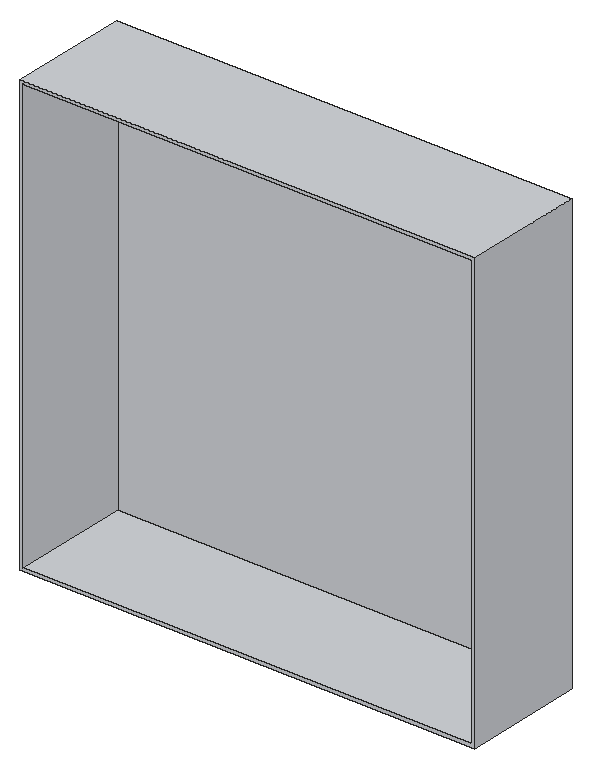
Revit family "Hager-Typ.B_TP&N_Cable_Spreader_Boxes_250A-empty-NoHosted-UK-en", category Electrical Equipment, Revit 2020
Family settings
  Panel Configuration = Two Columns, Circuits Across
  Round Connector Dimension = Use Diameter
  Part Type = Panelboard
  Work Plane-Based = Yes
  Always vertical = Yes
  Cut with Voids When Loaded = No
  Shared = No
  Room Calculation Point = No
Parameters (values of type "Surface mounted P2XC W465 H450 D124.5 0 Modular spacings - JK202LE")
  Width Control [instance] = if([HG000006 - Flush mounted], if([EF000846 - Built-in width] > min_whd, [EF000846 - Built-in width], min_whd), if([EF000008 - Width] > min_whd, ([EF000008 - Width]), min_whd))  # 465 mm
  Void Depth [instance] = if([EF000218 - Built-in depth] > 1 mm, [EF000218 - Built-in depth], 1 mm)  # 1 mm
  Type Comments = [HG000003 - Range]  # "Type B TP&N Distribution Boards"
  System Height [instance] = Height Control - 2 * [HG000005 - Thickness]  # 444 mm
  Panel Name [instance] = ""  # (empty or 0)
  Offset [instance] = 0 mm
  Model = [HG000004 - Manufacturer reference]  # "JK202LE"
  Level Offset [instance] = [Flush Mounted - Door Frame Width] + Offset  # 0 mm
  HG000017 - Distance between poles = 18 mm
  HG000016 - Door 3d visibility [instance] = yes
  HG000015 - Clearance visibility [instance] = no
  HG000014 - Door on the right [instance] = yes
  HG000013 - Door on the left [instance] = not([HG000014 - Door on the right])  # no
  HG000012 - Door swing angle [instance] = 45.00°
  HG000011 - Empty rows from bottom = no
  HG000010 - Asymmetric doors = no
  HG000009 - Double swing door = no
  HG000008 - Number of empty rows = 0
  HG000007 - Number of empty columns = 0
  HG000006 - Flush mounted = no
  HG000005 - Thickness = 3 mm  # constant formula
  HG000004 - Manufacturer reference = "JK202LE"
  HG000003 - Range = "Type B TP&N Distribution Boards"
  HG000002 - With door or cover = no
  HG000001 - Number of columns = 0
  EF015941 - Signal passing door = no
  EF015777 - Neutral terminal block = yes
  EF015776 - Earthing terminal block = yes
  EF009212 - Cover model = ""
  EF006306 - With lock = no
  EF006244 - Transparent cover/door = no
  EF005474 - Degree of protection (IP) = "EV009848 - IP2XC"
  EF004462 - Type of closure = "EV000154 - Other"
  EF002950 - Width in number of modular spacings = 0
  EF001596 - Material housing = "EV000179 - Steel"
  EF001134 - DIN-rail = no
  EF001131 - Internal depth = 0 mm
  EF001088 - Extension possible = no
  EF001062 - EMC-version = no
  EF000846 - Built-in width = 0 mm
  EF000339 - Type of cover = "EV005746 - Optional"
  EF000332 - Built-in height = 0 mm
  EF000266 - Number of rows = 0
  EF000218 - Built-in depth = 0 mm
  EF000118 - With mounting plate = no
  EF000116 - RAL-number = "7035"
  EF000049 - Depth = 124 mm
  EF000040 - Height = 450 mm
  EF000008 - Width = 465 mm
  EF000007 - Colour = "EV000154 - Other"
  EF000003 - Mounting method = "EV000384 - Surface mounted (plaster)"
  Description = ""
  Default Elevation = 1219.2 mm
  Arrow Offset [instance] = Depth Control / 8  # 15.5 mm
  Arrow Height [instance] = Depth Control - Arrow Offset  # 108.5 mm
  Host Offset [instance] = if([HG000006 - Flush mounted], 0 mm, [EF000049 - Depth])  # 124 mm
  min_whd [instance] = (2 * [HG000005 - Thickness]) + 1 mm  # 7 mm
  Manufacturer = "Hager"  # constant formula
  Height Control [instance] = if([HG000006 - Flush mounted], if([EF000332 - Built-in height] > min_whd, [EF000332 - Built-in height], min_whd), if([EF000040 - Height] > min_whd, ([EF000040 - Height]), min_whd))  # 450 mm
  Flush Mounted - Door Frame Width [instance] = if(([EF000040 - Height] - [EF000332 - Built-in height]) > 0 mm, if([HG000006 - Flush mounted], [EF000040 - Height] - [EF000332 - Built-in height], 0 mm), 0 mm)  # 0 mm
  Depth Control [instance] = if([HG000006 - Flush mounted], if([EF000218 - Built-in depth] > 0 mm, [EF000218 - Built-in depth], 1 mm), if([EF000049 - Depth] > 0 mm, ([EF000049 - Depth]), 1 mm))  # 124 mm
Types (2, lengths in mm): name | System Height | Model | HG000004 - Manufacturer reference | EF005474 - Degree of protection (IP) | EF000040 - Height | Height Control
  Surface mounted  W465 H300 D124.5 0 Modular spacings - JK201SE | 294 | "JK201SE" | "JK201SE" | "" | 300 | 300
  Surface mounted P2XC W465 H450 D124.5 0 Modular spacings - JK202LE | 444 | "JK202LE" | "JK202LE" | "EV009848 - IP2XC" | 450 | 450
Reference planes
  plane 1 "Center (Front/Back)": y = 0
  plane 2: z = 0
  plane 3 "Center (Left/Right)": x = 0
  plane 4: y = 3
  plane 5: y = 0
  plane 6: y = 0
  plane 7: z = 0
  plane 8: x = -232.5
  plane 9: x = 232.5
  plane 10: x = 229.5
  plane 11: x = -229.5
  plane 12: z = 0
  plane 13: z = 3
  plane 14: y = -119
  plane 15: y = -124
  plane 16: y = -3
  plane 17: z = 447
  plane 18: z = 450
  plane 19: z = 225
  plane 20: x = 0
  plane 21: y = -100
Forms (mm)
  Extrusion 1, solid
    sketch origin (-208.679, -4572, 0) x (-1, 0, 0) y (0, -1, 0)
      loop
        line (23.821, -4448) -> (-441.179, -4448) -> (-441.179, -4572) -> (23.821, -4572) -> (23.821, -4448)
    from 0 to 450 <- "Height Control"
  Extrusion 2, void
    sketch origin (-350.771, -124, 1219.2) x (1, 0, 0) y (0, 0, 1)
      loop
        line (121.271, -772.2) -> (121.271, -1216.2) -> (580.271, -1216.2) -> (580.271, -772.2) -> (121.271, -772.2)
    from 0 to -121
  Extrusion 3, solid, detail levels coarse+medium
    sketch origin (-350.771, -124, 1219.2) x (-1, 0, 0) y (0, 0, 1)
      loop
        line (-121.271, -772.2) -> (-580.271, -772.2) -> (-580.271, -1216.2) -> (-121.271, -1216.2) -> (-121.271, -772.2)
    from 0 to 3 <- "HG000005 - Thickness"
Cuts and joins
  Extrusion 2 cuts Extrusion 1
Dimensions and locks
  "Flush Mounted - Door Frame Width": plane 1 "Center (Front/Back)" to plane 6
  "HG000005 - Thickness": plane 4 to plane 6
  "HG000005 - Thickness": plane 8 to plane 11
  "HG000005 - Thickness": plane 9 to plane 10
  equal spacing: plane 8, plane 3 "Center (Left/Right)", plane 9
  "Width Control": plane 8 to plane 9
  locked: plane 14 to plane 15 at 5
  "Host Offset": plane 1 "Center (Front/Back)" to plane 15
  "Depth Control": plane 5 to plane 15
  "HG000005 - Thickness": plane 5 to plane 16
  "HG000005 - Thickness": plane 13 to plane 12
  "Level Offset": plane 12 to level
  "HG000005 - Thickness": plane 18 to plane 17
  "Height Control": plane 18 to plane 12
  "Arrow Offset": plane 5 to nested 4
  equal spacing: plane 18, plane 19, plane 12
  locked: connector elem to plane 19
  locked: connector elem to plane 3 "Center (Left/Right)"
  aligned and locked: nested 1 to plane 14
  aligned and locked: plane 3 "Center (Left/Right)" to nested 1
  aligned and locked: plane 3 "Center (Left/Right)" to nested 2
  aligned and locked: nested 2 to plane 15
  aligned and locked: plane 5 to Extrusion 1
  aligned and locked: Extrusion 3 sketch curve to plane 17
  aligned and locked: Extrusion 3 sketch curve to plane 11
  aligned and locked: Extrusion 3 sketch curve to plane 13
  aligned and locked: Extrusion 3 sketch curve to plane 10
  aligned and locked: Extrusion 2 sketch curve to plane 13
  aligned and locked: Extrusion 2 sketch curve to plane 10
  aligned and locked: Extrusion 2 sketch curve to plane 17
  aligned and locked: Extrusion 2 sketch curve to plane 11
  aligned and locked: plane 16 to Extrusion 2
  aligned and locked: plane 5 to Extrusion 1 sketch curve
  aligned and locked: plane 9 to Extrusion 1 sketch curve
  aligned and locked: plane 8 to Extrusion 1 sketch curve
  aligned and locked: plane 8 to nested 4
  aligned and locked: plane 8 to nested 3
  aligned and locked: nested 3 to plane 5
  aligned and locked: Extrusion 1 sketch curve to plane 15
  aligned and locked: Extrusion 2 to plane 15
Nested families
  nested 1: "Hager_Enclosure_System" at (0, -119, 3), Flush_Mounted <- "HG000006 - Flush mounted", Width <- "EF000008 - Width", Height <- "System Height", Width_Control <- "Width Control", Row_Module_Multiplicator <- "EF002950 - Width in number of modular spacings", Empty_Columns <- "HG000007 - Number of empty columns", Built-in_Width <- "EF000846 - Built-in width", Border <- "HG000005 - Thickness", Total_No_Empty_Rows <- "HG000008 - Number of empty rows", Depth <- "HG000005 - Thickness", Empty_Rows_From_Bottom <- "HG000011 - Empty rows from bottom", Distance_Between_Poles <- "HG000017 - Distance between poles", Rows_Count <- "EF000266 - Number of rows", Columns_Count <- "HG000001 - Number of columns", type "Hager_Enclosure_System", detail levels medium+fine
    with Width_Control 465 mm, Width 465 mm, Total_No_Rows 0, Total_No_Empty_Rows 0, Total_No_Columns 1, System_Width 459 mm, Rows_Count 0, Rows_Column 0, Row_Module_Multiplicator 0, Panel_4 no, Panel_3 no, Panel_2 no, Panel_1 no, No_Panels_Ctrl 1, Hide_Columns yes, Height 444 mm, Flush_Mounted no, Empty_Rows_From_Bottom no, Empty_Rows_Column 0, Empty_Columns 0, Distance_Between_Poles 18 mm, Depth 3 mm, Columns_Count 0, Column_Width 459 mm, Built-in_Width 0 mm, Border 3 mm
  nested 2: "Hager_Enclosure_Door" at (0, -124, 0), Double <- "HG000009 - Double swing door", Height_Ctrl <- "Height Control", Transparent <- "EF006244 - Transparent cover/door", Depth <- "EF000049 - Depth", Height <- "EF000040 - Height", Angle <- "HG000012 - Door swing angle", Door_Right <- "HG000014 - Door on the right", Assymetrical <- "HG000010 - Asymmetric doors", Flush_Mounted <- "HG000006 - Flush mounted", BuiltIn_Depth <- "EF000218 - Built-in depth", BuiltIn_Width <- "EF000846 - Built-in width", Door <- "HG000002 - With door or cover", Width_Ctrl <- "Width Control", 3d_Door <- "HG000016 - Door 3d visibility", Width <- "EF000008 - Width", Border <- "HG000005 - Thickness", BuiltIn_Height <- "EF000332 - Built-in height", Clearance <- "HG000015 - Clearance visibility", Door_Left <- "HG000013 - Door on the left", type "Hager_Enclosure_Door", detail levels medium+fine
    with min_wh 7 mm, Width_Ctrl 465 mm, Width 465 mm, Transparent_Door_No_Bottom_Border no, Transparent no, Leaf_Width 456 mm, Leaf_Tolerance 1.5 mm, Leaf_Height 441 mm, Leaf_2_Width 456 mm, Leaf_2_Offset 228 mm, Leaf_1_Width 456 mm, Leaf_1_Offset 228 mm, Height_Ctrl 450 mm, Height 450 mm, Frame_Width_Ctrl 465 mm, Frame_Width 465 mm, Frame_Internal_Offset 0 mm, Frame_Height_Ctrl 450 mm, Frame_Height 450 mm, Frame_Depth_Ctrl 1 mm, Frame_Depth 0 mm, Flush_Mounted no, Double_Clearance_Ctrl no, Double no, Door_Right_Ctrl no, Door_Right yes, Door_Left_Ctrl no, Door_Left no, Door no, Depth 124 mm, Clearance_Depth 456 mm, Clearance_Ctrl no, Clearance no, BuiltIn_Width 0 mm, BuiltIn_Height 0 mm, BuiltIn_Depth 0 mm, Border 3 mm, Assymetrical no, Angle 45.00°, 3d_Door yes
  nested 3: "Hager_Enclosure_Symbol_Triangle" at (-232.5, 0, 0), Depth <- "Depth Control", Width <- "Width Control", type "Hager_Enclosure_Symbol_Triangle"
    with Width_Ctrl 465 mm, Width 465 mm, Depth_Ctrl 124 mm, Depth 124 mm
  nested 4: "Hager_Enclosure_Symbol_Arrow" at (-232.5, -15.5, 0), Height <- "Arrow Height", type "Hager_Enclosure_Symbol_Arrow"
    with Width_Inside 8.137 mm, Width 97.65 mm, Height_Ctrl 108.5 mm, Height 108.5 mm
Connectors
  electrical at (0, 0, 225)
    settings: on plane 5, index 1, voltage 0 V, apparent load 0 VA, apparent load phase1 0 VA, apparent load phase2 0 VA, apparent load phase3 0 VA, power factor 1, load classification "Other", number of poles 1, system type 30, power factor state 1, is connector primary yes, connector utility no, sub classification motor no, connector description ""
Definition of nested family "Hager_Enclosure_Door"
  Parameters (values of type "Hager_Enclosure_Door")
    min_wh [instance] = (2 * Border) + 1 mm  # 11 mm
    Width_Ctrl [instance] = 400 mm
    Width [instance] = 500 mm
    Transparent_Door_No_Bottom_Border [instance] = no
    Transparent [instance] = yes
    Leaf_Width [instance] = if((Width_Ctrl - 2 * Border - 2 * Leaf_Tolerance) > 0 mm, (Width_Ctrl - 2 * Border - 2 * Leaf_Tolerance), min_wh)  # 387 mm
    Leaf_Tolerance [instance] = 1.5 mm  # constant formula
    Leaf_Height [instance] = if((Height_Ctrl - 2 * Border - 2 * Leaf_Tolerance) > 0 mm, (Height_Ctrl - 2 * Border - 2 * Leaf_Tolerance), min_wh)  # 387 mm
    Leaf_2_Width [instance] = if(and(and(Double, Assymetrical), Door_Left), (Leaf_Width / 3) - (Leaf_Tolerance / 2), if(and(and(Double, Assymetrical), Door_Right), (Leaf_Width / 3) * 2 - (Leaf_Tolerance / 2), if(and(Double, not(Assymetrical)), (Leaf_Width / 2) - Leaf_Tolerance, Leaf_Width)))  # 387 mm
    Leaf_2_Offset [instance] = if(and(Double, Assymetrical), Leaf_2_Width / 2, if(and(Double, not(Assymetrical)), Leaf_Width / 4, Leaf_Width / 2))  # 193.5 mm
    Leaf_1_Width [instance] = if(and(and(Double, Assymetrical), Door_Right), (Leaf_Width / 3) - (Leaf_Tolerance / 2), if(and(and(Double, Assymetrical), Door_Left), (Width / 3) * 2 - (Leaf_Tolerance / 2), if(and(Double, not(Assymetrical)), (Leaf_Width / 2) - Leaf_Tolerance, Leaf_Width)))  # 387 mm
    Leaf_1_Offset [instance] = if(and(Double, Assymetrical), Leaf_1_Width / 2, if(and(Double, not(Assymetrical)), Leaf_Width / 4, Leaf_Width / 2))  # 193.5 mm
    Height_Ctrl [instance] = 400 mm
    Height [instance] = 500 mm
    Frame_Width_Ctrl [instance] = if(Frame_Width > 0 mm, Frame_Width, 1 mm)  # 1 mm
    Frame_Width [instance] = Width - BuiltIn_Width  # 0 mm
    Frame_Internal_Offset [instance] = if(Flush_Mounted, Border, 0 mm)  # 5 mm
    Frame_Height_Ctrl [instance] = if(Frame_Height > 0 mm, Frame_Height, 1 mm)  # 1 mm
    Frame_Height [instance] = Height - BuiltIn_Height  # 0 mm
    Frame_Depth_Ctrl [instance] = if(Frame_Depth > 0 mm, Frame_Depth, 1 mm)  # 1 mm
    Frame_Depth [instance] = if(Depth - BuiltIn_Depth > 0 mm, if(Flush_Mounted, Depth - BuiltIn_Depth, 0 mm), 0 mm)  # 0 mm
    Flush_Mounted [instance] = yes
    Double_Clearance_Ctrl [instance] = and(Double, Clearance)  # no
    Double [instance] = no
    Door_Right_Ctrl [instance] = and(or(Door_Right, Double), Door)  # yes
    Door_Right [instance] = yes
    Door_Left_Ctrl [instance] = and(or(Door_Left, Double), Door)  # no
    Door_Left [instance] = no
    Door [instance] = yes
    Depth [instance] = 500 mm
    Default Elevation = 1219.2 mm
    Clearance_Material = none
    Clearance_Depth [instance] = if(Leaf_1_Width > Leaf_2_Width, Leaf_1_Width, Leaf_2_Width)  # 387 mm
    Clearance_Ctrl [instance] = and(not(Double), Clearance)  # yes
    Clearance [instance] = yes
    BuiltIn_Width [instance] = 500 mm
    BuiltIn_Height [instance] = 500 mm
    BuiltIn_Depth [instance] = 500 mm
    Border [instance] = 5 mm
    Assymetrical [instance] = yes
    Angle [instance] = 30.00°
    3d_Door [instance] = yes
  Reference planes
    plane 1 "Center (Front/Back)": y = 0
    plane 2 "Bottom": z = 0
    plane 3 "Center (Left/Right)": x = 0
    plane 4: z = 400
    plane 5: x = -200
    plane 6: x = 200
    plane 7: z = 395
    plane 8: x = -195
    plane 9: z = 5
    plane 10: x = 195
    plane 11: y = 0
    plane 12: z = 6.5
    plane 13: x = -582
    plane 14: y = -387
    plane 15: x = 582
    plane 16: x = 0
    plane 17: x = 0
    plane 18: x = -193.5
    plane 19: x = 193.5
    plane 20: z = 393.5
  Forms (mm)
    Extrusion 1, solid, visible <- "Flush_Mounted"
      sketch origin (0, 0, 0) x (1, 0, 0) y (0, 0, 1)
        loop
          line (195, 5) -> (195, 395) -> (-195, 395) -> (-195, 5) -> (195, 5)
        loop
          line (-201, 401) -> (-201, -1) -> (201, -1) -> (201, 401) -> (-201, 401)
      from 0 to 1 <- "Frame_Depth_Ctrl"
    Extrusion 2, solid, material <- "Clearance_Material", visible <- "Double_Clearance_Ctrl"
      sketch origin (1200, 0, 0) x (1, 0, 0) y (0, 0, -1)
        loop
          line (-1782, -393.5) -> (-618, -393.5) -> (-618, 0) -> (-1782, 0) -> (-1782, -393.5)
      from 0 to -387
  Dimensions and locks
    equal spacing: plane 5, plane 3 "Center (Left/Right)", plane 6
    "Width_Ctrl": plane 5 to plane 6
    "Border": plane 5 to plane 8
    "Border": plane 6 to plane 10
    "Border": plane 9 to level
    "Border": plane 4 to plane 7
    "Height_Ctrl": plane 4 to level
    "Leaf_Tolerance": plane 12 to plane 9
    "Frame_Depth": plane 11 to plane 1 "Center (Front/Back)"
    "Frame_Width_Ctrl": plane 5 to Extrusion 1 sketch curve
    "Frame_Width_Ctrl": plane 6 to Extrusion 1 sketch curve
    "Frame_Width_Ctrl": Extrusion 1 sketch curve to plane 4
    "Frame_Width_Ctrl": plane 2 "Bottom" to Extrusion 1 sketch curve
    "Leaf_1_Offset": plane 18 to plane 16
    "Leaf_2_Offset": plane 17 to plane 19
    "Leaf_1_Width": plane 13 to plane 8
    "Leaf_2_Width": plane 10 to plane 15
    "Clearance_Depth": plane 14 to plane 1 "Center (Front/Back)"
    "Leaf_Tolerance": plane 8 to plane 18
    "Leaf_Tolerance": plane 19 to plane 10
    "Leaf_Tolerance": plane 7 to plane 20
    "Frame_Internal_Offset": plane 5 to Extrusion 1 sketch curve
    "Frame_Internal_Offset": Extrusion 1 sketch curve to plane 2 "Bottom"
    "Frame_Internal_Offset": plane 6 to Extrusion 1 sketch curve
    "Frame_Internal_Offset": plane 4 to Extrusion 1 sketch curve
    aligned and locked: level to plane 2 "Bottom"
    aligned and locked: nested 1 to plane 16
    aligned and locked: nested 2 to plane 17
    aligned and locked: Extrusion 2 to plane 13
    aligned and locked: plane 15 to Extrusion 2
    aligned and locked: Extrusion 2 to plane 14
    aligned and locked: plane 12 to nested 1
    aligned and locked: nested 2 to plane 12
    aligned and locked: Extrusion 2 to plane 11
    aligned and locked: plane 20 to Extrusion 2
    aligned and locked: nested 2 to plane 11
    aligned and locked: nested 1 to plane 11
  Automatic sketch dimensions
    Extrusion 2 sketch curve to level = 0 mm
    plane 5 to Extrusion 2 sketch curve = 382 mm
    plane 6 to Extrusion 2 sketch curve = 382 mm
    Extrusion 2 sketch curve to plane 4 = 6.5 mm
  Nested families
    nested 1: "Hager_Enclosure_Door_Leaf" at (0, 0, 6.5), Width <- "Leaf_1_Width", visible <- "Door_Left_Ctrl", Leaf_Height <- "Leaf_Height", Angle <- "Angle", Depth <- "Border", 3d_Door <- "3d_Door", Transparent <- "Transparent", Clearance Material <- "Clearance_Material", Clearance <- "Clearance_Ctrl", Transparent_Door_No_Bottom_Border <- "Transparent_Door_No_Bottom_Border", type "Hager_Enclosure_Door_Leaf"
      with Width 387 mm, Transparent_Door_No_Bottom_Border no, Transparent_Door_Border_Bottom_Top 25 mm, Transparent_Door_Border 25 mm, Transparent_Ctrl yes, Transparent yes, Standard no, Leaf_Height 387 mm, Glass_Offset 1 mm, Depth 5 mm, Clearance Material none, Clearance yes, Angle_Ctrl 30.00°, Angle 30.00°, 3d_Door yes
    nested 2: "Hager_Enclosure_Door_Leaf" at (0, 0, 6.5) x (-1, 0, 0) z (0, 0, 1), Width <- "Leaf_2_Width", visible <- "Door_Right_Ctrl", Leaf_Height <- "Leaf_Height", Angle <- "Angle", Depth <- "Border", 3d_Door <- "3d_Door", Transparent <- "Transparent", Clearance Material <- "Clearance_Material", Clearance <- "Clearance_Ctrl", Transparent_Door_No_Bottom_Border <- "Transparent_Door_No_Bottom_Border", type "Hager_Enclosure_Door_Leaf"
      with Width 387 mm, Transparent_Door_No_Bottom_Border no, Transparent_Door_Border_Bottom_Top 25 mm, Transparent_Door_Border 25 mm, Transparent_Ctrl yes, Transparent yes, Standard no, Leaf_Height 387 mm, Glass_Offset 1 mm, Depth 5 mm, Clearance Material none, Clearance yes, Angle_Ctrl 30.00°, Angle 30.00°, 3d_Door yes
  Definition of nested family "Hager_Enclosure_Door_Leaf"
    Parameters (values of type "Hager_Enclosure_Door_Leaf")
      Width [instance] = 2000 mm
      Transparent_Door_No_Bottom_Border [instance] = yes
      Transparent_Door_Border_Bottom_Top [instance] = if(Transparent_Door_No_Bottom_Border, 0.1 mm, Transparent_Door_Border)  # 0.1 mm
      Transparent_Door_Border [instance] = if(Transparent_Door_No_Bottom_Border, (Width * 0.12), 25 mm)  # 240 mm
      Transparent_Ctrl [instance] = and(Transparent, [3d_Door])  # yes
      Transparent [instance] = yes
      Standard [instance] = and(not(Transparent), [3d_Door])  # no
      Leaf_Height [instance] = 2720.336 mm
      Glass_Offset [instance] = if((Depth - 10 mm) / 2 > 0 mm, (Depth - 10 mm) / 2, 1 mm)  # 15 mm
      Glass_Material = none
      Depth [instance] = 40 mm
      Default Elevation = 0 mm
      Clearance Material [instance] = none
      Clearance [instance] = yes
      Angle_Ctrl [instance] = if(Angle > 170.00°, 170.00°, Angle)  # 45.00°
      Angle [instance] = 45.00°
      3d_Door [instance] = yes
    Reference planes
      plane 1 "Center (Front/Back)": y = 0
      plane 2: z = 0
      plane 3 "Center (Left/Right)": x = 0
      plane 4: y = 2000
      plane 5: x = -1000
      plane 6: x = 1000
      plane 7: x = -3000
      plane 8: z = 2720.336
      plane 9: z = 0.1
      plane 10: z = 2720.236
      plane 11: x = 760
      plane 12: x = -760
    Forms (mm)
      Extrusion 1, solid, material <- "Clearance Material", visible <- "Clearance"
        sketch origin (0, 0, 0) x (1, 0, 0) y (0, 0, 1)
          loop
            line (-3000, 2720.336) -> (-3000, 0) -> (1000, 0) -> (1000, 2720.336) -> (-3000, 2720.336)
        from 0 to -2000
      Extrusion 2, solid, visible <- "Standard", detail levels medium+fine
        sketch origin (-1000, 0, 0) x (0.707107, 0.707107, 0) y (-0.707107, 0.707107, 0)
          loop
            line (0, -40) -> (2000, -40) -> (2000, 0) -> (0, 0) -> (0, -40)
        from 0 to 2720.336 <- "Leaf_Height"
      Extrusion 3, solid, visible <- "Transparent_Ctrl", detail levels medium+fine
        sketch origin (-1000, 0, 0) x (0.707107, 0.707107, 0) y (-0.707107, 0.707107, 0)
          loop
            line (0, -40) -> (2000, -40) -> (2000, 0) -> (0, 0) -> (0, -40)
        from 0 to 2720.336 <- "Leaf_Height"
      Extrusion 4, void, detail levels medium+fine
        sketch origin (-1000, 0, 0) x (-0.707107, 0.707107, 0) y (0.707107, 0.707107, 0)
          loop
            line (0, 240) -> (0, 1760) -> (-40, 1760) -> (-40, 240) -> (0, 240)
        from -2720.236 to -0.1
      Extrusion 5, solid, material <- "Glass_Material", visible <- "Transparent_Ctrl", detail levels medium+fine
        sketch origin (-1000, 0, 0) x (0.707107, 0.707107, 0) y (-0.707107, 0.707107, 0)
          loop
            line (240, -15) -> (240, -25) -> (1760, -25) -> (1760, -15) -> (240, -15)
        from 0.1 to 2720.236
    Cuts and joins
      Extrusion 4 cuts Extrusion 3
    Lines and regions (mm)
      symbolic lines
        curve 1: line (1000, 0, 0) -> (-3000, 0, 0)
        curve 2: arc (1000, 0, 0) -> (-1000, 2000, 0) -> (-3000, 0, 0) r 2000
        curve 4: line (-1000, 0, 0) -> (414.214, 1414.214, 0)
      reference lines
        curve 3: line (-1000, 0, 0) -> (414.214, 1414.214, 0)
      symbolic lines, detail levels medium+fine
        curve 5: line (414.214, 1414.214, 0) -> (442.498, 1385.929, 0)
        curve 6: line (442.498, 1385.929, 0) -> (-971.716, -28.284, 0)
        curve 7: line (-971.716, -28.284, 0) -> (-1000, 0, 0)
        curve 8: line (-1000, 0, 2720.336) -> (1000, 0, 2720.336)
        curve 9: line (-1000, 0, 0) -> (-1000, 0, 2720.336)
        curve 10: line (1000, 0, 0) -> (-1000, 0, 0)
        curve 11: line (1000, 0, 2720.336) -> (1000, 0, 0)
      symbolic lines, visible <- "Transparent_Ctrl", detail levels medium+fine
        curve 12: line (-760, 0, 2720.236) -> (760, 0, 2720.236)
        curve 13: line (-760, 0, 0.1) -> (-760, 0, 2720.236)
        curve 14: line (760, 0, 0.1) -> (-760, 0, 0.1)
        curve 15: line (760, 0, 2720.236) -> (760, 0, 0.1)
    Dimensions and locks
      "Width": plane 1 "Center (Front/Back)" to plane 4
      equal spacing: plane 5, plane 3 "Center (Left/Right)", plane 6
      "Width": plane 5 to plane 6
      "Width": plane 7 to plane 5
      "Leaf_Height": plane 8 to level
      "Depth": curve 6 to curve 3
      "Width": curve 5 to curve 3
      "Width": curve 3 to curve 3
      "Transparent_Door_Border": Extrusion 4 sketch curve to curve 7
      "Transparent_Door_Border": Extrusion 4 sketch curve to curve 5
      "Transparent_Door_Border_Bottom_Top": plane 8 to plane 10
      "Transparent_Door_Border_Bottom_Top": plane 9 to level
      "Glass_Offset": Extrusion 5 sketch curve to curve 4
      "Glass_Offset": Extrusion 5 sketch curve to curve 6
      "Transparent_Door_Border": Extrusion 5 sketch curve to curve 5
      "Transparent_Door_Border": Extrusion 5 sketch curve to curve 7
      "Transparent_Door_Border": plane 12 to plane 5
      "Transparent_Door_Border": plane 6 to plane 11
      "Angle_Ctrl": angle plane 1 "Center (Front/Back)" to curve 3
      aligned and locked: level to plane 2
      aligned and locked: Extrusion 1 to curve 1
      aligned and locked: plane 6 to Extrusion 1
      aligned and locked: Extrusion 1 to plane 1 "Center (Front/Back)"
      aligned and locked: plane 4 to Extrusion 1
      aligned and locked: plane 8 to Extrusion 1
      aligned and locked: curve 4 to curve 3
      aligned and locked: Extrusion 2 sketch curve to curve 7
      aligned and locked: Extrusion 2 sketch curve to curve 6
      aligned and locked: Extrusion 2 sketch curve to curve 5
      aligned and locked: Extrusion 2 sketch curve to curve 3
      aligned and locked: curve 7 to Extrusion 3 sketch curve
      aligned and locked: Extrusion 3 sketch curve to curve 4
      aligned and locked: Extrusion 3 sketch curve to curve 6
      aligned and locked: Extrusion 3 sketch curve to curve 5
      aligned and locked: curve 4 to Extrusion 4 sketch curve
      aligned and locked: curve 6 to Extrusion 4 sketch curve
      aligned and locked: Extrusion 4 to plane 9
      aligned and locked: Extrusion 4 to plane 10
      aligned and locked: Extrusion 5 to plane 9
      aligned and locked: Extrusion 5 to plane 10
      aligned and locked: curve 8 to plane 8
      aligned and locked: plane 5 to curve 9
      aligned and locked: plane 2 to curve 10
      aligned and locked: curve 11 to plane 6
      aligned and locked: plane 10 to curve 12
      aligned and locked: plane 12 to curve 13
      aligned and locked: curve 14 to plane 9
      aligned and locked: plane 11 to curve 15
    Automatic sketch dimensions
      plane 1 "Center (Front/Back)" to curve 2 = 0 mm
      curve 2 to plane 5 = 0 mm
      Extrusion 1 sketch curve to level = 0 mm
      Extrusion 1 sketch curve to plane 7 = 0 mm
      Extrusion 1 sketch curve to plane 6 = 0 mm
      Extrusion 1 sketch curve to plane 8 = 0 mm
      plane 1 "Center (Front/Back)" to curve 3 = 0 mm
      curve 3 to plane 5 = 0 mm
      curve 7 to curve 3 = 0 mm
Definition of nested family "Hager_Enclosure_Symbol_Triangle"
  Parameters (values of type "Hager_Enclosure_Symbol_Triangle")
    Width_Ctrl [instance] = if(Width > 1 mm, Width, 1 mm)  # 498 mm
    Width [instance] = 498 mm
    Depth_Ctrl [instance] = if(Depth > 1 mm, Depth, 1 mm)  # 72 mm
    Depth [instance] = 72 mm
  Reference planes
    plane 1 "Centre (avant/arrière)": y = 0
    plane 2: z = 0
    plane 3 "Centre (gauche/droite)": x = 0
  Lines and regions (mm)
    Filled region 1, type "Solid_Black", in view "Niveau de réf."
      outline origin (0, 0, 0) x (1, 0, 0) y (0, 1, 0)
        loop
          line (0, 0) -> (498, 0) -> (498, 72) -> (0, 0)
    reference lines, in view "Niveau de réf."
      curve 1: line (-206.153, 72, 0) -> (1083.258, 72, 0)
      curve 2: line (498, 405.456, 0) -> (498, -517.619, 0)
  Dimensions and locks
    "Depth_Ctrl": plane 1 "Centre (avant/arrière)" to curve 1
    "Width_Ctrl": plane 3 "Centre (gauche/droite)" to curve 2
    aligned and locked: curve 1 to Filled region 1 sketch curve
    aligned and locked: Filled region 1 sketch curve to plane 1 "Centre (avant/arrière)"
    aligned and locked: curve 2 to Filled region 1 sketch curve
    aligned and locked: plane 3 "Centre (gauche/droite)" to Filled region 1 sketch curve
    aligned and locked: plane 1 "Centre (avant/arrière)" to Filled region 1 sketch curve
  Automatic sketch dimensions
    curve 1 to plane 3 "Centre (gauche/droite)" = 206.153 mm
    curve 2 to curve 1 = 585.258 mm
    plane 1 "Centre (avant/arrière)" to curve 2 = 517.619 mm
    curve 2 to plane 1 "Centre (avant/arrière)" = 405.456 mm
Definition of nested family "Hager_Enclosure_Symbol_Arrow"
  Parameters (values of type "Hager_Enclosure_Symbol_Arrow")
    Width_Inside [instance] = if(Width / 12 > 2 mm, Width / 12, 2 mm)  # 4.987 mm
    Width [instance] = if(Height_Ctrl * 0.9 > 2 mm, Height_Ctrl * 0.9, 2 mm)  # 59.85 mm
    Height_Ctrl [instance] = if(Height > 2 mm, Height, 2 mm)  # 66.5 mm
    Height [instance] = 66.5 mm
  Reference planes
    plane 1 "Centre (avant/arrière)": y = 0
    plane 2: z = 0
    plane 3 "Centre (gauche/droite)": x = 0
    plane 4: x = 59.85
    plane 5: y = 28.263
    plane 6: y = 38.238
    plane 7: y = 66.5
    plane 8: x = 29.925
    plane 9: y = 33.25
  Lines and regions (mm)
    Filled region 1, type "Solid_Black", in view "Niveau de réf."
      outline origin (0, 0, 0) x (1, 0, 0) y (0, 1, 0)
        loop
          line (59.85, 66.5) -> (37.929, 52.827) -> (51.846, 41.935) -> (59.85, 66.5)
    detail lines, in view "Niveau de réf."
      curve 1: line (0, 0, 0) -> (29.925, 38.238, 0)
      curve 2: line (29.925, 38.238, 0) -> (29.925, 28.263, 0)
      curve 3: line (29.925, 28.263, 0) -> (59.85, 66.5, 0)
  Dimensions and locks
    "Width": plane 3 "Centre (gauche/droite)" to plane 4
    "Height_Ctrl": plane 7 to plane 1 "Centre (avant/arrière)"
    equal spacing: plane 3 "Centre (gauche/droite)", plane 8, plane 4
    equal spacing: plane 7, plane 9, plane 1 "Centre (avant/arrière)"
    equal spacing: plane 6, plane 9, plane 5
    "Width_Inside": plane 6 to plane 9
    equal spacing: curve 3, Filled region 1 sketch curve, Filled region 1 sketch curve
    angle Filled region 1 sketch curve to curve 3 = 20.00°
    angle curve 3 to Filled region 1 sketch curve = 20.00°
    locked: curve 3 to Filled region 1 sketch curve (angle 90.00°)
  Automatic sketch dimensions
    plane 1 "Centre (avant/arrière)" to curve 1 = 0 mm
    curve 1 to plane 3 "Centre (gauche/droite)" = 0 mm
    curve 2 to plane 6 = 0 mm
    curve 3 to plane 8 = 0 mm
    curve 3 to plane 4 = 0 mm
    curve 2 to plane 5 = 0 mm
    curve 3 to plane 7 = 0 mm
    Filled region 1 sketch curve to plane 4 = 0 mm
    Filled region 1 sketch curve to plane 7 = 0 mm
